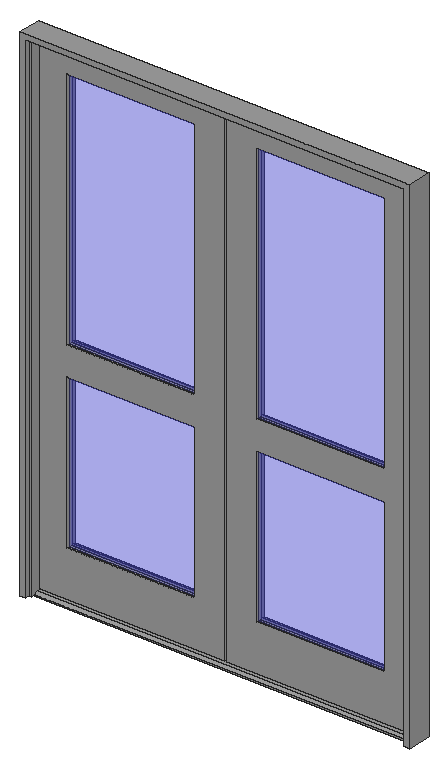
Revit family "WS-500 DOOR-Double-VIP-1-PD-CW_v05", category Curtain Panels, Revit 2015 (continued)
Definition of nested family "2.5x6-RTCIG CW-H8533-DHD-OHD SC-DI"
  Lines and regions (in)
    detail lines, in view "Ref. Level", detail levels fine
      curve 43: line (0.74256, -1, 0) -> (0.68756, -1, 0)
      curve 44: line (0.68756, -1, 0) -> (0.68756, -1.173, 0)
      curve 45: line (-1.28244, 0, 0) -> (-1.28244, -1, 0)
      curve 46: line (-1.28244, -1, 0) -> (0.68756, -1, 0)
      curve 47: line (0.68756, -1, 0) -> (0.68756, -1.5, 0)
      curve 48: line (0.68756, -1.5, 0) -> (2.31256, -1.5, 0)
      curve 49: line (2.31256, -1.5, 0) -> (2.31256, -1, 0)
      curve 50: line (2.31256, -1, 0) -> (3.21756, -1, 0)
      curve 51: line (3.21756, -1, 0) -> (3.21756, 0, 0)
      curve 52: line (3.21756, 0, 0) -> (-1.28244, 0, 0)
      curve 53: arc (-1.28244, -0.25, 0) -> (-1.26095, -0.125, 0) -> (-1.28244, 0, 0) r 0.37439
      curve 54: arc (3.21756, 0, 0) -> (3.19608, -0.125, 0) -> (3.21756, -0.25, 0) r 0.37439
      curve 55: arc (1.95497, -1.14175, 0) -> (1.95619, -1.1362, 0) -> (1.95482, -1.13068, 0) r 0.0125
      curve 56: arc (1.98284, -1.14139, 0) -> (1.98406, -1.13584, 0) -> (1.9827, -1.13032, 0) r 0.0125
      curve 57: arc (1.01743, -1.13032, 0) -> (1.01607, -1.13584, 0) -> (1.01729, -1.14139, 0) r 0.0125
      curve 58: arc (1.0453, -1.13068, 0) -> (1.04394, -1.1362, 0) -> (1.04516, -1.14175, 0) r 0.0125
      curve 59: arc (1.10681, -1.025, 0) -> (1.10028, -1.02684, 0) -> (1.09567, -1.03182, 0) r 0.0125
      curve 60: arc (1.90446, -1.03183, 0) -> (1.89985, -1.02684, 0) -> (1.89332, -1.025, 0) r 0.0125
      curve 61: line (-1.03244, -0.25, 0) -> (-1.03244, 0, 0)
      curve 62: line (-1.03244, 0, 0) -> (2.96756, 0, 0)
      curve 63: line (2.96756, 0, 0) -> (2.96756, -0.25, 0)
      curve 64: line (2.96756, -0.25, 0) -> (-1.03244, -0.25, 0)
      curve 65: line (-1.03244, -0.25, 0) -> (2.96756, 0, 0)
      curve 66: line (-1.03244, 0, 0) -> (2.96756, -0.25, 0)
      curve 67: line (1.95497, -1.14175, 0) -> (1.89789, -1.26122, 0)
      curve 68: line (1.89789, -1.26122, 0) -> (1.92045, -1.272, 0)
      curve 69: line (1.92045, -1.272, 0) -> (1.98284, -1.14139, 0)
      curve 70: line (1.9827, -1.13032, 0) -> (1.92904, -1.025, 0)
      curve 71: line (1.92904, -1.025, 0) -> (1.95506, -1.025, 0)
      curve 72: line (1.95506, -1.025, 0) -> (1.95506, -1, 0)
      curve 73: line (1.95506, -1, 0) -> (1.04506, -1, 0)
      curve 74: line (1.04506, -1, 0) -> (1.04506, -1.025, 0)
      curve 75: line (1.04506, -1.025, 0) -> (1.07109, -1.025, 0)
      curve 76: line (1.07109, -1.025, 0) -> (1.01743, -1.13032, 0)
      curve 77: line (1.01729, -1.14139, 0) -> (1.07968, -1.272, 0)
      curve 78: line (1.07968, -1.272, 0) -> (1.10224, -1.26122, 0)
      curve 79: line (1.10224, -1.26122, 0) -> (1.04516, -1.14175, 0)
      curve 80: line (1.0453, -1.13068, 0) -> (1.09567, -1.03182, 0)
      curve 81: line (1.10681, -1.025, 0) -> (1.89332, -1.025, 0)
      curve 82: line (1.90446, -1.03183, 0) -> (1.95482, -1.13068, 0)
      curve 83: line (0.54796, -1.18033, 0) -> (0.56296, -1.18633, 0)
      curve 84: line (0.56296, -1.18633, 0) -> (0.57696, -1.19533, 0)
      curve 85: line (0.57696, -1.19533, 0) -> (0.60296, -1.19933, 0)
      curve 86: line (0.60296, -1.19933, 0) -> (0.62096, -1.20333, 0)
      curve 87: line (0.62096, -1.20333, 0) -> (0.65696, -1.20433, 0)
      curve 88: line (0.65696, -1.20433, 0) -> (0.67296, -1.20633, 0)
      curve 89: line (0.67296, -1.20633, 0) -> (0.69296, -1.20833, 0)
      curve 90: line (0.69296, -1.20833, 0) -> (0.69696, -1.21433, 0)
      curve 91: line (0.69696, -1.21433, 0) -> (0.70996, -1.20833, 0)
      curve 92: line (0.70996, -1.20833, 0) -> (0.69696, -1.21433, 0)
      curve 93: line (0.55396, -1.35233, 0) -> (0.58296, -1.35233, 0)
      curve 94: line (0.58296, -1.35233, 0) -> (0.60796, -1.35233, 0)
      curve 95: line (0.60796, -1.35233, 0) -> (0.62496, -1.35433, 0)
      curve 96: line (0.62496, -1.35433, 0) -> (0.65696, -1.35433, 0)
      curve 97: line (0.65696, -1.35433, 0) -> (0.67696, -1.35533, 0)
      curve 98: line (0.67696, -1.35533, 0) -> (0.70396, -1.36133, 0)
      curve 99: line (0.70396, -1.36133, 0) -> (0.67496, -1.36433, 0)
      curve 100: line (0.67496, -1.36433, 0) -> (0.68996, -1.37033, 0)
      curve 101: line (0.68996, -1.37033, 0) -> (0.67296, -1.36633, 0)
      curve 102: line (0.67296, -1.36633, 0) -> (0.65096, -1.36833, 0)
      curve 103: line (0.65096, -1.36833, 0) -> (0.58796, -1.37733, 0)
      curve 104: line (0.58796, -1.37733, 0) -> (0.60596, -1.37733, 0)
      curve 105: line (0.60596, -1.37733, 0) -> (0.61696, -1.37533, 0)
      curve 106: line (0.61696, -1.37533, 0) -> (0.63196, -1.37433, 0)
      curve 107: line (0.63196, -1.37433, 0) -> (0.65896, -1.37233, 0)
      curve 108: line (0.65896, -1.37233, 0) -> (0.67896, -1.37033, 0)
      curve 109: line (0.67896, -1.37033, 0) -> (0.65296, -1.36633, 0)
      curve 110: line (0.65296, -1.36633, 0) -> (0.62296, -1.36633, 0)
      curve 111: line (0.62296, -1.36633, 0) -> (0.58996, -1.36433, 0)
      curve 112: line (0.58996, -1.36433, 0) -> (0.54796, -1.36933, 0)
      curve 113: line (0.57196, -1.38433, 0) -> (0.58996, -1.38133, 0)
      curve 114: line (0.58996, -1.38133, 0) -> (0.54796, -1.38833, 0)
      curve 115: line (0.54796, -1.38833, 0) -> (0.57196, -1.38433, 0)
      curve 116: line (0.54996, -1.24133, 0) -> (0.56796, -1.23933, 0)
      curve 117: line (0.56796, -1.23933, 0) -> (0.58096, -1.23733, 0)
      curve 118: line (0.58096, -1.23733, 0) -> (0.59396, -1.23533, 0)
      curve 119: line (0.59396, -1.23533, 0) -> (0.61496, -1.23533, 0)
      curve 120: line (0.61496, -1.23533, 0) -> (0.62796, -1.23533, 0)
      curve 121: line (0.62796, -1.23533, 0) -> (0.65696, -1.23733, 0)
      curve 122: line (0.65696, -1.23733, 0) -> (0.67096, -1.23733, 0)
      curve 123: line (0.67096, -1.23733, 0) -> (0.67896, -1.23933, 0)
      curve 124: line (0.67896, -1.23933, 0) -> (0.69696, -1.24133, 0)
      curve 125: line (0.69696, -1.24133, 0) -> (0.71096, -1.24433, 0)
      curve 126: line (0.71096, -1.24433, 0) -> (0.72796, -1.25233, 0)
      curve 127: line (0.72796, -1.25233, 0) -> (0.74196, -1.25233, 0)
      curve 128: line (0.74196, -1.25233, 0) -> (0.72596, -1.24433, 0)
      curve 129: line (0.72596, -1.24433, 0) -> (0.71096, -1.25033, 0)
      curve 130: line (0.71096, -1.25033, 0) -> (0.70196, -1.25033, 0)
      curve 131: line (0.70196, -1.25033, 0) -> (0.68596, -1.25033, 0)
      curve 132: line (0.68596, -1.25033, 0) -> (0.67096, -1.24633, 0)
      curve 133: line (0.67096, -1.24633, 0) -> (0.65496, -1.24633, 0)
      curve 134: line (0.65496, -1.24633, 0) -> (0.62296, -1.24633, 0)
      curve 135: line (0.62296, -1.24633, 0) -> (0.60596, -1.24633, 0)
      curve 136: line (0.60596, -1.24633, 0) -> (0.59396, -1.24633, 0)
      curve 137: line (0.59396, -1.24633, 0) -> (0.54796, -1.25433, 0)
      curve 138: line (0.54996, -1.20833, 0) -> (0.56096, -1.20833, 0)
      curve 139: line (0.56096, -1.20833, 0) -> (0.58096, -1.20833, 0)
      curve 140: line (0.58096, -1.20833, 0) -> (0.59196, -1.20633, 0)
      curve 141: line (0.59196, -1.20633, 0) -> (0.59896, -1.20633, 0)
      curve 142: line (0.59896, -1.20633, 0) -> (0.60596, -1.20833, 0)
      curve 143: line (0.60596, -1.20833, 0) -> (0.62296, -1.21433, 0)
      curve 144: line (0.62296, -1.21433, 0) -> (0.65496, -1.21233, 0)
      curve 145: line (0.65496, -1.21233, 0) -> (0.66196, -1.21033, 0)
      curve 146: line (0.66196, -1.21033, 0) -> (0.67096, -1.21233, 0)
      curve 147: line (0.67096, -1.21233, 0) -> (0.68096, -1.21233, 0)
      curve 148: line (0.68096, -1.21233, 0) -> (0.68996, -1.21233, 0)
      curve 149: line (0.74596, -1.21033, 0) -> (0.73496, -1.21033, 0)
      curve 150: line (0.73496, -1.21033, 0) -> (0.74196, -1.21033, 0)
      curve 151: line (0.74196, -1.21033, 0) -> (0.75296, -1.21033, 0)
      curve 152: line (0.75296, -1.21033, 0) -> (0.76396, -1.21033, 0)
      curve 153: line (0.76396, -1.21033, 0) -> (0.77496, -1.20633, 0)
      curve 154: line (0.77896, -1.20633, 0) -> (0.76796, -1.20633, 0)
      curve 155: line (0.76796, -1.20633, 0) -> (0.76096, -1.20633, 0)
      curve 156: line (0.76096, -1.20633, 0) -> (0.75296, -1.20833, 0)
      curve 157: line (0.75296, -1.20833, 0) -> (0.74596, -1.21033, 0)
      curve 158: line (0.78096, -1.27033, 0) -> (0.76996, -1.27233, 0)
      curve 159: line (0.76996, -1.27233, 0) -> (0.75496, -1.27433, 0)
      curve 160: line (0.75496, -1.27433, 0) -> (0.74396, -1.27433, 0)
      curve 161: line (0.74396, -1.27433, 0) -> (0.73496, -1.27433, 0)
      curve 162: line (0.73496, -1.27433, 0) -> (0.71496, -1.27433, 0)
      curve 163: line (0.71496, -1.27433, 0) -> (0.69696, -1.27433, 0)
      curve 164: line (0.69696, -1.27433, 0) -> (0.67496, -1.27033, 0)
      curve 165: line (0.67496, -1.27033, 0) -> (0.65696, -1.27033, 0)
      curve 166: line (0.65696, -1.27033, 0) -> (0.60996, -1.27033, 0)
      curve 167: line (0.60996, -1.27033, 0) -> (0.57396, -1.27033, 0)
      curve 168: line (0.57396, -1.27033, 0) -> (0.54796, -1.26833, 0)
      curve 169: line (0.54796, -1.26133, 0) -> (0.56796, -1.26133, 0)
      curve 170: line (0.56796, -1.26133, 0) -> (0.59696, -1.26133, 0)
      curve 171: line (0.59696, -1.26133, 0) -> (0.62496, -1.26133, 0)
      curve 172: line (0.62496, -1.26133, 0) -> (0.66796, -1.26333, 0)
      curve 173: line (0.66796, -1.26333, 0) -> (0.70096, -1.26433, 0)
      curve 174: line (0.70096, -1.26433, 0) -> (0.71896, -1.26333, 0)
      curve 175: line (0.71896, -1.26333, 0) -> (0.73296, -1.26333, 0)
      curve 176: line (0.73296, -1.26333, 0) -> (0.75096, -1.26333, 0)
      curve 177: line (0.75096, -1.26333, 0) -> (0.76096, -1.26333, 0)
      curve 178: line (0.76096, -1.26333, 0) -> (0.76796, -1.26333, 0)
      curve 179: line (0.76796, -1.26333, 0) -> (0.78096, -1.26333, 0)
      curve 180: line (0.78096, -1.25133, 0) -> (0.76996, -1.25033, 0)
      curve 181: line (0.76996, -1.25033, 0) -> (0.76196, -1.25033, 0)
      curve 182: line (0.76196, -1.25033, 0) -> (0.75096, -1.25233, 0)
      curve 183: line (0.75096, -1.25233, 0) -> (0.74196, -1.25233, 0)
      curve 184: line (0.74196, -1.25233, 0) -> (0.74996, -1.24833, 0)
      curve 185: line (0.74996, -1.24833, 0) -> (0.76396, -1.24633, 0)
      curve 186: line (0.76396, -1.24633, 0) -> (0.77496, -1.24333, 0)
      curve 187: line (0.76996, -1.22433, 0) -> (0.75496, -1.22433, 0)
      curve 188: line (0.75496, -1.22433, 0) -> (0.74196, -1.22633, 0)
      curve 189: line (0.74196, -1.22633, 0) -> (0.73296, -1.22633, 0)
      curve 190: line (0.73296, -1.22633, 0) -> (0.70996, -1.22433, 0)
      curve 191: line (0.70996, -1.22433, 0) -> (0.69896, -1.22333, 0)
      curve 192: line (0.69896, -1.22333, 0) -> (0.67696, -1.22433, 0)
      curve 193: line (0.67696, -1.22433, 0) -> (0.65296, -1.22333, 0)
      curve 194: line (0.65296, -1.22333, 0) -> (0.62296, -1.22333, 0)
      curve 195: line (0.62296, -1.22333, 0) -> (0.59896, -1.22133, 0)
      curve 196: line (0.59896, -1.22133, 0) -> (0.58096, -1.22133, 0)
      curve 197: line (0.58096, -1.22133, 0) -> (0.56096, -1.22133, 0)
      curve 198: line (0.56096, -1.22133, 0) -> (0.54796, -1.22233, 0)
      curve 199: line (0.73496, -1.21033, 0) -> (0.71896, -1.21233, 0)
      curve 200: line (0.71896, -1.21233, 0) -> (0.70996, -1.20833, 0)
      curve 201: line (0.70996, -1.20833, 0) -> (0.72396, -1.20833, 0)
      curve 202: line (0.72396, -1.20833, 0) -> (0.73296, -1.21233, 0)
      curve 203: line (0.73296, -1.37433, 0) -> (0.74396, -1.37433, 0)
      curve 204: line (0.74396, -1.37433, 0) -> (0.76096, -1.37433, 0)
      curve 205: line (0.76096, -1.37433, 0) -> (0.77296, -1.37433, 0)
      curve 206: line (0.78096, -1.37033, 0) -> (0.77096, -1.37033, 0)
      curve 207: line (0.77096, -1.37033, 0) -> (0.75496, -1.37033, 0)
      curve 208: line (0.75496, -1.37033, 0) -> (0.74796, -1.36833, 0)
      curve 209: line (0.74796, -1.36833, 0) -> (0.74096, -1.36833, 0)
      curve 210: line (0.74096, -1.36833, 0) -> (0.72996, -1.36633, 0)
      curve 211: line (0.72996, -1.36633, 0) -> (0.71496, -1.36633, 0)
      curve 212: line (0.71496, -1.36633, 0) -> (0.70396, -1.36633, 0)
      curve 213: line (0.70396, -1.36633, 0) -> (0.68996, -1.37033, 0)
      curve 214: line (0.68996, -1.37033, 0) -> (0.70596, -1.37233, 0)
      curve 215: line (0.70596, -1.37233, 0) -> (0.72096, -1.37233, 0)
      curve 216: line (0.72096, -1.37233, 0) -> (0.73296, -1.37433, 0)
      curve 217: line (0.75896, -1.35433, 0) -> (0.74796, -1.35033, 0)
      curve 218: line (0.74796, -1.35033, 0) -> (0.76396, -1.34633, 0)
      curve 219: line (0.76396, -1.34633, 0) -> (0.77296, -1.34633, 0)
      curve 220: line (0.77296, -1.34633, 0) -> (0.78096, -1.34833, 0)
      curve 221: line (0.78096, -1.34833, 0) -> (0.77296, -1.35433, 0)
      curve 222: line (0.77296, -1.35433, 0) -> (0.76596, -1.35433, 0)
      curve 223: line (0.76596, -1.35433, 0) -> (0.75896, -1.35433, 0)
      curve 224: line (0.54796, -1.31033, 0) -> (0.55896, -1.31033, 0)
      curve 225: line (0.55896, -1.31033, 0) -> (0.58796, -1.30833, 0)
      curve 226: line (0.58796, -1.30833, 0) -> (0.61496, -1.30833, 0)
      curve 227: line (0.61496, -1.30833, 0) -> (0.62796, -1.30833, 0)
      curve 228: line (0.62796, -1.30833, 0) -> (0.66196, -1.31033, 0)
      curve 229: line (0.66196, -1.31033, 0) -> (0.68096, -1.31233, 0)
      curve 230: line (0.68096, -1.31233, 0) -> (0.69896, -1.31433, 0)
      curve 231: line (0.69896, -1.31433, 0) -> (0.72096, -1.31433, 0)
      curve 232: line (0.72096, -1.31433, 0) -> (0.73696, -1.31433, 0)
      curve 233: line (0.73696, -1.31433, 0) -> (0.75896, -1.31433, 0)
      curve 234: line (0.75896, -1.31433, 0) -> (0.76596, -1.31433, 0)
      curve 235: line (0.76596, -1.31433, 0) -> (0.77896, -1.31033, 0)
      curve 236: line (0.54796, -1.32333, 0) -> (0.57896, -1.32133, 0)
      curve 237: line (0.57896, -1.32133, 0) -> (0.60496, -1.31933, 0)
      curve 238: line (0.60496, -1.31933, 0) -> (0.61896, -1.31933, 0)
      curve 239: line (0.61896, -1.31933, 0) -> (0.66196, -1.31933, 0)
      curve 240: line (0.66196, -1.31933, 0) -> (0.67696, -1.32133, 0)
      curve 241: line (0.67696, -1.32133, 0) -> (0.70096, -1.32133, 0)
      curve 242: line (0.70096, -1.32133, 0) -> (0.71496, -1.32133, 0)
      curve 243: line (0.71496, -1.32133, 0) -> (0.73496, -1.32133, 0)
      curve 244: line (0.73496, -1.32133, 0) -> (0.75096, -1.32333, 0)
      curve 245: line (0.75096, -1.32333, 0) -> (0.76196, -1.32433, 0)
      curve 246: line (0.76196, -1.32433, 0) -> (0.77096, -1.32433, 0)
      curve 247: line (0.77096, -1.32433, 0) -> (0.78096, -1.32433, 0)
      curve 248: line (0.73296, -1.35433, 0) -> (0.74796, -1.35433, 0)
      curve 249: line (0.74796, -1.35433, 0) -> (0.72596, -1.35733, 0)
      curve 250: line (0.72596, -1.35733, 0) -> (0.73296, -1.35433, 0)
      curve 251: line (0.71296, -1.35533, 0) -> (0.70396, -1.36133, 0)
      curve 252: line (0.70396, -1.36133, 0) -> (0.72596, -1.35733, 0)
      curve 253: line (0.72596, -1.35733, 0) -> (0.71296, -1.35533, 0)
      curve 254: line (0.54796, -1.29533, 0) -> (0.57696, -1.29533, 0)
      curve 255: line (0.57696, -1.29533, 0) -> (0.60996, -1.29533, 0)
      curve 256: line (0.60996, -1.29533, 0) -> (0.65296, -1.29533, 0)
      curve 257: line (0.65296, -1.29533, 0) -> (0.67296, -1.29533, 0)
      curve 258: line (0.67296, -1.29533, 0) -> (0.69896, -1.29933, 0)
      curve 259: line (0.69896, -1.29933, 0) -> (0.70796, -1.29933, 0)
      curve 260: line (0.70796, -1.29933, 0) -> (0.72096, -1.30133, 0)
      curve 261: line (0.72096, -1.30133, 0) -> (0.73296, -1.30133, 0)
      curve 262: line (0.73296, -1.30133, 0) -> (0.74396, -1.30133, 0)
      curve 263: line (0.74396, -1.30133, 0) -> (0.75296, -1.30133, 0)
      curve 264: line (0.75296, -1.30133, 0) -> (0.76996, -1.29933, 0)
      curve 265: line (0.76996, -1.29933, 0) -> (0.77696, -1.29933, 0)
      curve 266: line (0.77696, -1.29933, 0) -> (0.77696, -1.2896, 0)
      curve 267: line (0.78096, -1.28933, 0) -> (0.76596, -1.29033, 0)
      curve 268: line (0.76596, -1.29033, 0) -> (0.75496, -1.29033, 0)
      curve 269: line (0.75496, -1.29033, 0) -> (0.74096, -1.29233, 0)
      curve 270: line (0.74096, -1.29233, 0) -> (0.70996, -1.28833, 0)
      curve 271: line (0.70996, -1.28833, 0) -> (0.69296, -1.28833, 0)
      curve 272: line (0.69296, -1.28833, 0) -> (0.67696, -1.28833, 0)
      curve 273: line (0.67696, -1.28833, 0) -> (0.66096, -1.28633, 0)
      curve 274: line (0.66096, -1.28633, 0) -> (0.62296, -1.28633, 0)
      curve 275: line (0.62296, -1.28633, 0) -> (0.60096, -1.28433, 0)
      curve 276: line (0.60096, -1.28433, 0) -> (0.56096, -1.28333, 0)
      curve 277: line (0.56096, -1.28333, 0) -> (0.54796, -1.28333, 0)
      curve 278: line (0.54796, -1.33833, 0) -> (0.57896, -1.33533, 0)
      curve 279: line (0.57896, -1.33533, 0) -> (0.61496, -1.33733, 0)
      curve 280: line (0.61496, -1.33733, 0) -> (0.65296, -1.33733, 0)
      curve 281: line (0.65296, -1.33733, 0) -> (0.67496, -1.33733, 0)
      curve 282: line (0.67496, -1.33733, 0) -> (0.69496, -1.33733, 0)
      curve 283: line (0.69496, -1.33733, 0) -> (0.70996, -1.33733, 0)
      curve 284: line (0.70996, -1.33733, 0) -> (0.72596, -1.33933, 0)
      curve 285: line (0.72596, -1.33933, 0) -> (0.73696, -1.33933, 0)
      curve 286: line (0.73696, -1.33933, 0) -> (0.74796, -1.33933, 0)
      curve 287: line (0.74796, -1.33933, 0) -> (0.75896, -1.33933, 0)
      curve 288: line (0.75896, -1.33933, 0) -> (0.77696, -1.33733, 0)
      curve 289: line (0.78096, -1.41933, 0) -> (0.78096, -1.15933, 0)
    detail lines, in view "Ref. Level", detail levels medium
      curve 290: arc (1.65506, -0.328, 0) -> (1.67791, -0.38315, 0) -> (1.73306, -0.406, 0) r 0.078
      curve 291: arc (0.20206, -0.406, 0) -> (0.25722, -0.38315, 0) -> (0.28006, -0.328, 0) r 0.078
      curve 292: arc (0.68756, -1.173, 0) -> (0.71506, -1.2005, 0) -> (0.74256, -1.173, 0) r 0.0275
      curve 293: arc (0.74256, -1.408, 0) -> (0.71506, -1.3805, 0) -> (0.68756, -1.408, 0) r 0.0275
      curve 294: arc (2.00056, -1, 0) -> (1.96239, -1.07442, 0) -> (2.04511, -1.062, 0) r 0.047
      curve 295: arc (0.95295, -1.053, 0) -> (1.03486, -1.07804, 0) -> (0.99956, -1, 0) r 0.047
      curve 296: line (1.73306, -0.406, 0) -> (1.98306, -0.406, 0)
      curve 297: line (1.98306, -0.406, 0) -> (1.98306, -0.375, 0)
      curve 298: line (1.98306, -0.375, 0) -> (3.09256, -0.375, 0)
      curve 299: line (3.09256, -0.375, 0) -> (3.09256, -0.875, 0)
      curve 300: line (3.09256, -0.875, 0) -> (-1.15744, -0.875, 0)
      curve 301: line (-1.15744, -0.875, 0) -> (-1.15744, -0.375, 0)
      curve 302: line (-1.15744, -0.375, 0) -> (-0.04794, -0.375, 0)
      curve 303: line (-0.04794, -0.375, 0) -> (-0.04794, -0.406, 0)
      curve 304: line (-0.04794, -0.406, 0) -> (0.20206, -0.406, 0)
      curve 305: line (0.28006, -0.328, 0) -> (0.03006, -0.328, 0)
      curve 306: line (0.03006, -0.328, 0) -> (0.03006, -0.25, 0)
      curve 307: line (0.03006, -0.25, 0) -> (-1.28244, -0.25, 0)
      curve 308: line (-1.28244, -0.25, 0) -> (-1.28244, -1, 0)
      curve 309: line (-1.28244, -1, 0) -> (3.21756, -1, 0)
      curve 310: line (3.21756, -1, 0) -> (3.21756, -0.25, 0)
      curve 311: line (3.21756, -0.25, 0) -> (1.90506, -0.25, 0)
      curve 312: line (1.90506, -0.25, 0) -> (1.90506, -0.328, 0)
      curve 313: line (1.90506, -0.328, 0) -> (1.65506, -0.328, 0)
      curve 314: line (0.74256, -1.173, 0) -> (0.74256, -1.143, 0)
      curve 315: line (0.74256, -1.143, 0) -> (0.79756, -1.143, 0)
      curve 316: line (0.79756, -1.143, 0) -> (0.79756, -1.438, 0)
      curve 317: line (0.79756, -1.438, 0) -> (0.74256, -1.438, 0)
      curve 318: line (0.74256, -1.438, 0) -> (0.74256, -1.408, 0)
      curve 319: line (0.68756, -1.408, 0) -> (0.68756, -1.5, 0)
      curve 320: line (0.68756, -1.5, 0) -> (2.31256, -1.5, 0)
      curve 321: line (2.31256, -1.5, 0) -> (2.31256, -1, 0)
      curve 322: line (2.31256, -1, 0) -> (2.00056, -1, 0)
      curve 323: line (2.04511, -1.062, 0) -> (2.25056, -1.062, 0)
      curve 324: line (2.25056, -1.062, 0) -> (2.25056, -1.438, 0)
      curve 325: line (2.25056, -1.438, 0) -> (0.85956, -1.438, 0)
      curve 326: line (0.85956, -1.438, 0) -> (0.85956, -1.053, 0)
      curve 327: line (0.85956, -1.053, 0) -> (0.95295, -1.053, 0)
      curve 328: line (0.99956, -1, 0) -> (0.79756, -1, 0)
      curve 329: line (0.79756, -1, 0) -> (0.79756, -1.081, 0)
      curve 330: line (0.79756, -1.081, 0) -> (0.74256, -1.081, 0)
      curve 331: line (0.74256, -1.081, 0) -> (0.74256, -1, 0)
      curve 332: line (0.74256, -1, 0) -> (0.68756, -1, 0)
      curve 333: line (0.68756, -1, 0) -> (0.68756, -1.173, 0)
      curve 334: line (-1.28244, 0, 0) -> (-1.28244, -1, 0)
      curve 335: line (-1.28244, -1, 0) -> (0.68756, -1, 0)
      curve 336: line (0.68756, -1, 0) -> (0.68756, -1.5, 0)
      curve 337: line (0.68756, -1.5, 0) -> (2.31256, -1.5, 0)
      curve 338: line (2.31256, -1.5, 0) -> (2.31256, -1, 0)
      curve 339: line (2.31256, -1, 0) -> (3.21756, -1, 0)
      curve 340: line (3.21756, -1, 0) -> (3.21756, 0, 0)
      curve 341: line (3.21756, 0, 0) -> (-1.28244, 0, 0)
    detail lines, in view "Ref. Level", not visible, detail levels fine
      curve 342: arc (1.65506, -0.328, 0) -> (1.67791, -0.38315, 0) -> (1.73306, -0.406, 0) r 0.078
      curve 343: arc (0.20206, -0.406, 0) -> (0.25722, -0.38315, 0) -> (0.28006, -0.328, 0) r 0.078
      curve 344: arc (0.68756, -1.173, 0) -> (0.71506, -1.2005, 0) -> (0.74256, -1.173, 0) r 0.0275
      curve 345: arc (0.74256, -1.408, 0) -> (0.71506, -1.3805, 0) -> (0.68756, -1.408, 0) r 0.0275
      curve 346: arc (2.00056, -1, 0) -> (1.96239, -1.07442, 0) -> (2.04511, -1.062, 0) r 0.047
      curve 347: arc (0.95295, -1.053, 0) -> (1.03486, -1.07804, 0) -> (0.99956, -1, 0) r 0.047
      curve 348: line (1.73306, -0.406, 0) -> (1.98306, -0.406, 0)
      curve 349: line (1.98306, -0.406, 0) -> (1.98306, -0.375, 0)
      curve 350: line (1.98306, -0.375, 0) -> (3.09256, -0.375, 0)
      curve 351: line (3.09256, -0.375, 0) -> (3.09256, -0.875, 0)
      curve 352: line (3.09256, -0.875, 0) -> (-1.15744, -0.875, 0)
      curve 353: line (-1.15744, -0.875, 0) -> (-1.15744, -0.375, 0)
      curve 354: line (-1.15744, -0.375, 0) -> (-0.04794, -0.375, 0)
      curve 355: line (-0.04794, -0.375, 0) -> (-0.04794, -0.406, 0)
      curve 356: line (-0.04794, -0.406, 0) -> (0.20206, -0.406, 0)
      curve 357: line (0.28006, -0.328, 0) -> (0.03006, -0.328, 0)
      curve 358: line (0.03006, -0.328, 0) -> (0.03006, -0.25, 0)
      curve 359: line (0.03006, -0.25, 0) -> (-1.28244, -0.25, 0)
      curve 360: line (-1.28244, -0.25, 0) -> (-1.28244, -1, 0)
      curve 361: line (-1.28244, -1, 0) -> (3.21756, -1, 0)
      curve 362: line (3.21756, -1, 0) -> (3.21756, -0.25, 0)
      curve 363: line (3.21756, -0.25, 0) -> (1.90506, -0.25, 0)
      curve 364: line (1.90506, -0.25, 0) -> (1.90506, -0.328, 0)
      curve 365: line (1.90506, -0.328, 0) -> (1.65506, -0.328, 0)
      curve 366: line (0.74256, -1.173, 0) -> (0.74256, -1.143, 0)
      curve 367: line (0.74256, -1.143, 0) -> (0.79756, -1.143, 0)
      curve 368: line (0.79756, -1.143, 0) -> (0.79756, -1.438, 0)
      curve 369: line (0.79756, -1.438, 0) -> (0.74256, -1.438, 0)
      curve 370: line (0.74256, -1.438, 0) -> (0.74256, -1.408, 0)
      curve 371: line (0.68756, -1.408, 0) -> (0.68756, -1.5, 0)
      curve 372: line (0.68756, -1.5, 0) -> (2.31256, -1.5, 0)
      curve 373: line (2.31256, -1.5, 0) -> (2.31256, -1, 0)
      curve 374: line (2.31256, -1, 0) -> (2.00056, -1, 0)
      curve 375: line (2.04511, -1.062, 0) -> (2.25056, -1.062, 0)
      curve 376: line (2.25056, -1.062, 0) -> (2.25056, -1.438, 0)
      curve 377: line (2.25056, -1.438, 0) -> (0.85956, -1.438, 0)
      curve 378: line (0.85956, -1.438, 0) -> (0.85956, -1.053, 0)
      curve 379: line (0.85956, -1.053, 0) -> (0.95295, -1.053, 0)
      curve 380: line (0.99956, -1, 0) -> (0.79756, -1, 0)
      curve 381: line (0.79756, -1, 0) -> (0.79756, -1.081, 0)
      curve 382: line (0.79756, -1.081, 0) -> (0.74256, -1.081, 0)
      curve 383: line (0.74256, -1.081, 0) -> (0.74256, -1, 0)
      curve 384: line (0.74256, -1, 0) -> (0.68756, -1, 0)
      curve 385: line (0.68756, -1, 0) -> (0.68756, -1.173, 0)
      curve 386: line (-1.28244, 0, 0) -> (-1.28244, -1, 0)
      curve 387: line (-1.28244, -1, 0) -> (0.68756, -1, 0)
      curve 388: line (0.68756, -1, 0) -> (0.68756, -1.5, 0)
      curve 389: line (0.68756, -1.5, 0) -> (2.31256, -1.5, 0)
      curve 390: line (2.31256, -1.5, 0) -> (2.31256, -1, 0)
      curve 391: line (2.31256, -1, 0) -> (3.21756, -1, 0)
      curve 392: line (3.21756, -1, 0) -> (3.21756, 0, 0)
      curve 393: line (3.21756, 0, 0) -> (-1.28244, 0, 0)
      curve 394: arc (-1.28244, -0.25, 0) -> (-1.26095, -0.125, 0) -> (-1.28244, 0, 0) r 0.37439
      curve 395: arc (3.21756, 0, 0) -> (3.19608, -0.125, 0) -> (3.21756, -0.25, 0) r 0.37439
      curve 396: arc (1.95497, -1.14175, 0) -> (1.95619, -1.1362, 0) -> (1.95482, -1.13068, 0) r 0.0125
      curve 397: arc (1.98284, -1.14139, 0) -> (1.98406, -1.13584, 0) -> (1.9827, -1.13032, 0) r 0.0125
      curve 398: arc (1.01743, -1.13032, 0) -> (1.01607, -1.13584, 0) -> (1.01729, -1.14139, 0) r 0.0125
      curve 399: arc (1.0453, -1.13068, 0) -> (1.04394, -1.1362, 0) -> (1.04516, -1.14175, 0) r 0.0125
      curve 400: arc (1.10681, -1.025, 0) -> (1.10028, -1.02684, 0) -> (1.09567, -1.03182, 0) r 0.0125
      curve 401: arc (1.90446, -1.03183, 0) -> (1.89985, -1.02684, 0) -> (1.89332, -1.025, 0) r 0.0125
      curve 402: line (-1.03244, -0.25, 0) -> (-1.03244, 0, 0)
      curve 403: line (-1.03244, 0, 0) -> (2.96756, 0, 0)
      curve 404: line (2.96756, 0, 0) -> (2.96756, -0.25, 0)
      curve 405: line (2.96756, -0.25, 0) -> (-1.03244, -0.25, 0)
      curve 406: line (-1.03244, -0.25, 0) -> (2.96756, 0, 0)
      curve 407: line (-1.03244, 0, 0) -> (2.96756, -0.25, 0)
      curve 408: line (1.95497, -1.14175, 0) -> (1.89789, -1.26122, 0)
      curve 409: line (1.89789, -1.26122, 0) -> (1.92045, -1.272, 0)
      curve 410: line (1.92045, -1.272, 0) -> (1.98284, -1.14139, 0)
      curve 411: line (1.9827, -1.13032, 0) -> (1.92904, -1.025, 0)
      curve 412: line (1.92904, -1.025, 0) -> (1.95506, -1.025, 0)
      curve 413: line (1.95506, -1.025, 0) -> (1.95506, -1, 0)
      curve 414: line (1.95506, -1, 0) -> (1.04506, -1, 0)
      curve 415: line (1.04506, -1, 0) -> (1.04506, -1.025, 0)
      curve 416: line (1.04506, -1.025, 0) -> (1.07109, -1.025, 0)
      curve 417: line (1.07109, -1.025, 0) -> (1.01743, -1.13032, 0)
      curve 418: line (1.01729, -1.14139, 0) -> (1.07968, -1.272, 0)
      curve 419: line (1.07968, -1.272, 0) -> (1.10224, -1.26122, 0)
      curve 420: line (1.10224, -1.26122, 0) -> (1.04516, -1.14175, 0)
      curve 421: line (1.0453, -1.13068, 0) -> (1.09567, -1.03182, 0)
      curve 422: line (1.10681, -1.025, 0) -> (1.89332, -1.025, 0)
      curve 423: line (1.90446, -1.03183, 0) -> (1.95482, -1.13068, 0)
      curve 424: line (0.54796, -1.18033, 0) -> (0.56296, -1.18633, 0)
      curve 425: line (0.56296, -1.18633, 0) -> (0.57696, -1.19533, 0)
      curve 426: line (0.57696, -1.19533, 0) -> (0.60296, -1.19933, 0)
      curve 427: line (0.60296, -1.19933, 0) -> (0.62096, -1.20333, 0)
      curve 428: line (0.62096, -1.20333, 0) -> (0.65696, -1.20433, 0)
      curve 429: line (0.65696, -1.20433, 0) -> (0.67296, -1.20633, 0)
      curve 430: line (0.67296, -1.20633, 0) -> (0.69296, -1.20833, 0)
      curve 431: line (0.69296, -1.20833, 0) -> (0.69696, -1.21433, 0)
      curve 432: line (0.69696, -1.21433, 0) -> (0.70996, -1.20833, 0)
      curve 433: line (0.70996, -1.20833, 0) -> (0.69696, -1.21433, 0)
      curve 434: line (0.55396, -1.35233, 0) -> (0.58296, -1.35233, 0)
      curve 435: line (0.58296, -1.35233, 0) -> (0.60796, -1.35233, 0)
      curve 436: line (0.60796, -1.35233, 0) -> (0.62496, -1.35433, 0)
      curve 437: line (0.62496, -1.35433, 0) -> (0.65696, -1.35433, 0)
      curve 438: line (0.65696, -1.35433, 0) -> (0.67696, -1.35533, 0)
      curve 439: line (0.67696, -1.35533, 0) -> (0.70396, -1.36133, 0)
      curve 440: line (0.70396, -1.36133, 0) -> (0.67496, -1.36433, 0)
      curve 441: line (0.67496, -1.36433, 0) -> (0.68996, -1.37033, 0)
      curve 442: line (0.68996, -1.37033, 0) -> (0.67296, -1.36633, 0)
      curve 443: line (0.67296, -1.36633, 0) -> (0.65096, -1.36833, 0)
      curve 444: line (0.65096, -1.36833, 0) -> (0.58796, -1.37733, 0)
      curve 445: line (0.58796, -1.37733, 0) -> (0.60596, -1.37733, 0)
      curve 446: line (0.60596, -1.37733, 0) -> (0.61696, -1.37533, 0)
      curve 447: line (0.61696, -1.37533, 0) -> (0.63196, -1.37433, 0)
      curve 448: line (0.63196, -1.37433, 0) -> (0.65896, -1.37233, 0)
      curve 449: line (0.65896, -1.37233, 0) -> (0.67896, -1.37033, 0)
      curve 450: line (0.67896, -1.37033, 0) -> (0.65296, -1.36633, 0)
      curve 451: line (0.65296, -1.36633, 0) -> (0.62296, -1.36633, 0)
      curve 452: line (0.62296, -1.36633, 0) -> (0.58996, -1.36433, 0)
      curve 453: line (0.58996, -1.36433, 0) -> (0.54796, -1.36933, 0)
      curve 454: line (0.57196, -1.38433, 0) -> (0.58996, -1.38133, 0)
      curve 455: line (0.58996, -1.38133, 0) -> (0.54796, -1.38833, 0)
      curve 456: line (0.54796, -1.38833, 0) -> (0.57196, -1.38433, 0)
      curve 457: line (0.54996, -1.24133, 0) -> (0.56796, -1.23933, 0)
      curve 458: line (0.56796, -1.23933, 0) -> (0.58096, -1.23733, 0)
      curve 459: line (0.58096, -1.23733, 0) -> (0.59396, -1.23533, 0)
      curve 460: line (0.59396, -1.23533, 0) -> (0.61496, -1.23533, 0)
      curve 461: line (0.61496, -1.23533, 0) -> (0.62796, -1.23533, 0)
      curve 462: line (0.62796, -1.23533, 0) -> (0.65696, -1.23733, 0)
      curve 463: line (0.65696, -1.23733, 0) -> (0.67096, -1.23733, 0)
      curve 464: line (0.67096, -1.23733, 0) -> (0.67896, -1.23933, 0)
      curve 465: line (0.67896, -1.23933, 0) -> (0.69696, -1.24133, 0)
      curve 466: line (0.69696, -1.24133, 0) -> (0.71096, -1.24433, 0)
      curve 467: line (0.71096, -1.24433, 0) -> (0.72796, -1.25233, 0)
      curve 468: line (0.72796, -1.25233, 0) -> (0.74196, -1.25233, 0)
      curve 469: line (0.74196, -1.25233, 0) -> (0.72596, -1.24433, 0)
      curve 470: line (0.72596, -1.24433, 0) -> (0.71096, -1.25033, 0)
      curve 471: line (0.71096, -1.25033, 0) -> (0.70196, -1.25033, 0)
      curve 472: line (0.70196, -1.25033, 0) -> (0.68596, -1.25033, 0)
      curve 473: line (0.68596, -1.25033, 0) -> (0.67096, -1.24633, 0)
      curve 474: line (0.67096, -1.24633, 0) -> (0.65496, -1.24633, 0)
      curve 475: line (0.65496, -1.24633, 0) -> (0.62296, -1.24633, 0)
      curve 476: line (0.62296, -1.24633, 0) -> (0.60596, -1.24633, 0)
      curve 477: line (0.60596, -1.24633, 0) -> (0.59396, -1.24633, 0)
      curve 478: line (0.59396, -1.24633, 0) -> (0.54796, -1.25433, 0)
      curve 479: line (0.54996, -1.20833, 0) -> (0.56096, -1.20833, 0)
      curve 480: line (0.56096, -1.20833, 0) -> (0.58096, -1.20833, 0)
      curve 481: line (0.58096, -1.20833, 0) -> (0.59196, -1.20633, 0)
      curve 482: line (0.59196, -1.20633, 0) -> (0.59896, -1.20633, 0)
      curve 483: line (0.59896, -1.20633, 0) -> (0.60596, -1.20833, 0)
      curve 484: line (0.60596, -1.20833, 0) -> (0.62296, -1.21433, 0)
      curve 485: line (0.62296, -1.21433, 0) -> (0.65496, -1.21233, 0)
      curve 486: line (0.65496, -1.21233, 0) -> (0.66196, -1.21033, 0)
      curve 487: line (0.66196, -1.21033, 0) -> (0.67096, -1.21233, 0)
      curve 488: line (0.67096, -1.21233, 0) -> (0.68096, -1.21233, 0)
      curve 489: line (0.68096, -1.21233, 0) -> (0.68996, -1.21233, 0)
      curve 490: line (0.74596, -1.21033, 0) -> (0.73496, -1.21033, 0)
      curve 491: line (0.73496, -1.21033, 0) -> (0.74196, -1.21033, 0)
      curve 492: line (0.74196, -1.21033, 0) -> (0.75296, -1.21033, 0)
      curve 493: line (0.75296, -1.21033, 0) -> (0.76396, -1.21033, 0)
      curve 494: line (0.76396, -1.21033, 0) -> (0.77496, -1.20633, 0)
      curve 495: line (0.77896, -1.20633, 0) -> (0.76796, -1.20633, 0)
      curve 496: line (0.76796, -1.20633, 0) -> (0.76096, -1.20633, 0)
      curve 497: line (0.76096, -1.20633, 0) -> (0.75296, -1.20833, 0)
      curve 498: line (0.75296, -1.20833, 0) -> (0.74596, -1.21033, 0)
      curve 499: line (0.78096, -1.27033, 0) -> (0.76996, -1.27233, 0)
      curve 500: line (0.76996, -1.27233, 0) -> (0.75496, -1.27433, 0)
      curve 501: line (0.75496, -1.27433, 0) -> (0.74396, -1.27433, 0)
      curve 502: line (0.74396, -1.27433, 0) -> (0.73496, -1.27433, 0)
      curve 503: line (0.73496, -1.27433, 0) -> (0.71496, -1.27433, 0)
      curve 504: line (0.71496, -1.27433, 0) -> (0.69696, -1.27433, 0)
      curve 505: line (0.69696, -1.27433, 0) -> (0.67496, -1.27033, 0)
      curve 506: line (0.67496, -1.27033, 0) -> (0.65696, -1.27033, 0)
      curve 507: line (0.65696, -1.27033, 0) -> (0.60996, -1.27033, 0)
      curve 508: line (0.60996, -1.27033, 0) -> (0.57396, -1.27033, 0)
      curve 509: line (0.57396, -1.27033, 0) -> (0.54796, -1.26833, 0)
      curve 510: line (0.54796, -1.26133, 0) -> (0.56796, -1.26133, 0)
      curve 511: line (0.56796, -1.26133, 0) -> (0.59696, -1.26133, 0)
      curve 512: line (0.59696, -1.26133, 0) -> (0.62496, -1.26133, 0)
      curve 513: line (0.62496, -1.26133, 0) -> (0.66796, -1.26333, 0)
      curve 514: line (0.66796, -1.26333, 0) -> (0.70096, -1.26433, 0)
      curve 515: line (0.70096, -1.26433, 0) -> (0.71896, -1.26333, 0)
      curve 516: line (0.71896, -1.26333, 0) -> (0.73296, -1.26333, 0)
      curve 517: line (0.73296, -1.26333, 0) -> (0.75096, -1.26333, 0)
      curve 518: line (0.75096, -1.26333, 0) -> (0.76096, -1.26333, 0)
      curve 519: line (0.76096, -1.26333, 0) -> (0.76796, -1.26333, 0)
      curve 520: line (0.76796, -1.26333, 0) -> (0.78096, -1.26333, 0)
      curve 521: line (0.78096, -1.25133, 0) -> (0.76996, -1.25033, 0)
      curve 522: line (0.76996, -1.25033, 0) -> (0.76196, -1.25033, 0)
      curve 523: line (0.76196, -1.25033, 0) -> (0.75096, -1.25233, 0)
      curve 524: line (0.75096, -1.25233, 0) -> (0.74196, -1.25233, 0)
      curve 525: line (0.74196, -1.25233, 0) -> (0.74996, -1.24833, 0)
      curve 526: line (0.74996, -1.24833, 0) -> (0.76396, -1.24633, 0)
      curve 527: line (0.76396, -1.24633, 0) -> (0.77496, -1.24333, 0)
      curve 528: line (0.76996, -1.22433, 0) -> (0.75496, -1.22433, 0)
      curve 529: line (0.75496, -1.22433, 0) -> (0.74196, -1.22633, 0)
      curve 530: line (0.74196, -1.22633, 0) -> (0.73296, -1.22633, 0)
      curve 531: line (0.73296, -1.22633, 0) -> (0.70996, -1.22433, 0)
      curve 532: line (0.70996, -1.22433, 0) -> (0.69896, -1.22333, 0)
      curve 533: line (0.69896, -1.22333, 0) -> (0.67696, -1.22433, 0)
      curve 534: line (0.67696, -1.22433, 0) -> (0.65296, -1.22333, 0)
      curve 535: line (0.65296, -1.22333, 0) -> (0.62296, -1.22333, 0)
      curve 536: line (0.62296, -1.22333, 0) -> (0.59896, -1.22133, 0)
      curve 537: line (0.59896, -1.22133, 0) -> (0.58096, -1.22133, 0)
      curve 538: line (0.58096, -1.22133, 0) -> (0.56096, -1.22133, 0)
      curve 539: line (0.56096, -1.22133, 0) -> (0.54796, -1.22233, 0)
      curve 540: line (0.73496, -1.21033, 0) -> (0.71896, -1.21233, 0)
      curve 541: line (0.71896, -1.21233, 0) -> (0.70996, -1.20833, 0)
      curve 542: line (0.70996, -1.20833, 0) -> (0.72396, -1.20833, 0)
      curve 543: line (0.72396, -1.20833, 0) -> (0.73296, -1.21233, 0)
      curve 544: line (0.73296, -1.37433, 0) -> (0.74396, -1.37433, 0)
      curve 545: line (0.74396, -1.37433, 0) -> (0.76096, -1.37433, 0)
      curve 546: line (0.76096, -1.37433, 0) -> (0.77296, -1.37433, 0)
      curve 547: line (0.78096, -1.37033, 0) -> (0.77096, -1.37033, 0)
      curve 548: line (0.77096, -1.37033, 0) -> (0.75496, -1.37033, 0)
      curve 549: line (0.75496, -1.37033, 0) -> (0.74796, -1.36833, 0)
      curve 550: line (0.74796, -1.36833, 0) -> (0.74096, -1.36833, 0)
      curve 551: line (0.74096, -1.36833, 0) -> (0.72996, -1.36633, 0)
      curve 552: line (0.72996, -1.36633, 0) -> (0.71496, -1.36633, 0)
      curve 553: line (0.71496, -1.36633, 0) -> (0.70396, -1.36633, 0)
      curve 554: line (0.70396, -1.36633, 0) -> (0.68996, -1.37033, 0)
      curve 555: line (0.68996, -1.37033, 0) -> (0.70596, -1.37233, 0)
      curve 556: line (0.70596, -1.37233, 0) -> (0.72096, -1.37233, 0)
      curve 557: line (0.72096, -1.37233, 0) -> (0.73296, -1.37433, 0)
      curve 558: line (0.75896, -1.35433, 0) -> (0.74796, -1.35033, 0)
      curve 559: line (0.74796, -1.35033, 0) -> (0.76396, -1.34633, 0)
      curve 560: line (0.76396, -1.34633, 0) -> (0.77296, -1.34633, 0)
      curve 561: line (0.77296, -1.34633, 0) -> (0.78096, -1.34833, 0)
      curve 562: line (0.78096, -1.34833, 0) -> (0.77296, -1.35433, 0)
      curve 563: line (0.77296, -1.35433, 0) -> (0.76596, -1.35433, 0)
      curve 564: line (0.76596, -1.35433, 0) -> (0.75896, -1.35433, 0)
      curve 565: line (0.54796, -1.31033, 0) -> (0.55896, -1.31033, 0)
      curve 566: line (0.55896, -1.31033, 0) -> (0.58796, -1.30833, 0)
      curve 567: line (0.58796, -1.30833, 0) -> (0.61496, -1.30833, 0)
      curve 568: line (0.61496, -1.30833, 0) -> (0.62796, -1.30833, 0)
      curve 569: line (0.62796, -1.30833, 0) -> (0.66196, -1.31033, 0)
      curve 570: line (0.66196, -1.31033, 0) -> (0.68096, -1.31233, 0)
      curve 571: line (0.68096, -1.31233, 0) -> (0.69896, -1.31433, 0)
      curve 572: line (0.69896, -1.31433, 0) -> (0.72096, -1.31433, 0)
      curve 573: line (0.72096, -1.31433, 0) -> (0.73696, -1.31433, 0)
      curve 574: line (0.73696, -1.31433, 0) -> (0.75896, -1.31433, 0)
      curve 575: line (0.75896, -1.31433, 0) -> (0.76596, -1.31433, 0)
      curve 576: line (0.76596, -1.31433, 0) -> (0.77896, -1.31033, 0)
      curve 577: line (0.54796, -1.32333, 0) -> (0.57896, -1.32133, 0)
      curve 578: line (0.57896, -1.32133, 0) -> (0.60496, -1.31933, 0)
      curve 579: line (0.60496, -1.31933, 0) -> (0.61896, -1.31933, 0)
      curve 580: line (0.61896, -1.31933, 0) -> (0.66196, -1.31933, 0)
      curve 581: line (0.66196, -1.31933, 0) -> (0.67696, -1.32133, 0)
      curve 582: line (0.67696, -1.32133, 0) -> (0.70096, -1.32133, 0)
      curve 583: line (0.70096, -1.32133, 0) -> (0.71496, -1.32133, 0)
      curve 584: line (0.71496, -1.32133, 0) -> (0.73496, -1.32133, 0)
      curve 585: line (0.73496, -1.32133, 0) -> (0.75096, -1.32333, 0)
      curve 586: line (0.75096, -1.32333, 0) -> (0.76196, -1.32433, 0)
      curve 587: line (0.76196, -1.32433, 0) -> (0.77096, -1.32433, 0)
      curve 588: line (0.77096, -1.32433, 0) -> (0.78096, -1.32433, 0)
      curve 589: line (0.73296, -1.35433, 0) -> (0.74796, -1.35433, 0)
      curve 590: line (0.74796, -1.35433, 0) -> (0.72596, -1.35733, 0)
      curve 591: line (0.72596, -1.35733, 0) -> (0.73296, -1.35433, 0)
      curve 592: line (0.71296, -1.35533, 0) -> (0.70396, -1.36133, 0)
      curve 593: line (0.70396, -1.36133, 0) -> (0.72596, -1.35733, 0)
      curve 594: line (0.72596, -1.35733, 0) -> (0.71296, -1.35533, 0)
      curve 595: line (0.54796, -1.29533, 0) -> (0.57696, -1.29533, 0)
      curve 596: line (0.57696, -1.29533, 0) -> (0.60996, -1.29533, 0)
      curve 597: line (0.60996, -1.29533, 0) -> (0.65296, -1.29533, 0)
      curve 598: line (0.65296, -1.29533, 0) -> (0.67296, -1.29533, 0)
      curve 599: line (0.67296, -1.29533, 0) -> (0.69896, -1.29933, 0)
      curve 600: line (0.69896, -1.29933, 0) -> (0.70796, -1.29933, 0)
      curve 601: line (0.70796, -1.29933, 0) -> (0.72096, -1.30133, 0)
      curve 602: line (0.72096, -1.30133, 0) -> (0.73296, -1.30133, 0)
      curve 603: line (0.73296, -1.30133, 0) -> (0.74396, -1.30133, 0)
      curve 604: line (0.74396, -1.30133, 0) -> (0.75296, -1.30133, 0)
      curve 605: line (0.75296, -1.30133, 0) -> (0.76996, -1.29933, 0)
      curve 606: line (0.76996, -1.29933, 0) -> (0.77696, -1.29933, 0)
      curve 607: line (0.77696, -1.29933, 0) -> (0.77696, -1.2896, 0)
      curve 608: line (0.78096, -1.28933, 0) -> (0.76596, -1.29033, 0)
      curve 609: line (0.76596, -1.29033, 0) -> (0.75496, -1.29033, 0)
      curve 610: line (0.75496, -1.29033, 0) -> (0.74096, -1.29233, 0)
      curve 611: line (0.74096, -1.29233, 0) -> (0.70996, -1.28833, 0)
      curve 612: line (0.70996, -1.28833, 0) -> (0.69296, -1.28833, 0)
      curve 613: line (0.69296, -1.28833, 0) -> (0.67696, -1.28833, 0)
      curve 614: line (0.67696, -1.28833, 0) -> (0.66096, -1.28633, 0)
      curve 615: line (0.66096, -1.28633, 0) -> (0.62296, -1.28633, 0)
      curve 616: line (0.62296, -1.28633, 0) -> (0.60096, -1.28433, 0)
      curve 617: line (0.60096, -1.28433, 0) -> (0.56096, -1.28333, 0)
      curve 618: line (0.56096, -1.28333, 0) -> (0.54796, -1.28333, 0)
      curve 619: line (0.54796, -1.33833, 0) -> (0.57896, -1.33533, 0)
      curve 620: line (0.57896, -1.33533, 0) -> (0.61496, -1.33733, 0)
      curve 621: line (0.61496, -1.33733, 0) -> (0.65296, -1.33733, 0)
      curve 622: line (0.65296, -1.33733, 0) -> (0.67496, -1.33733, 0)
      curve 623: line (0.67496, -1.33733, 0) -> (0.69496, -1.33733, 0)
      curve 624: line (0.69496, -1.33733, 0) -> (0.70996, -1.33733, 0)
      curve 625: line (0.70996, -1.33733, 0) -> (0.72596, -1.33933, 0)
      curve 626: line (0.72596, -1.33933, 0) -> (0.73696, -1.33933, 0)
      curve 627: line (0.73696, -1.33933, 0) -> (0.74796, -1.33933, 0)
      curve 628: line (0.74796, -1.33933, 0) -> (0.75896, -1.33933, 0)
      curve 629: line (0.75896, -1.33933, 0) -> (0.77696, -1.33733, 0)
      curve 630: line (0.78096, -1.41933, 0) -> (0.78096, -1.15933, 0)
    detail lines, in view "Ref. Level", not visible, detail levels medium
      curve 631: arc (8.63801, -2.3397, 0) -> (8.66086, -2.39486, 0) -> (8.71601, -2.4177, 0) r 0.078
      curve 632: arc (7.18501, -2.4177, 0) -> (7.24017, -2.39486, 0) -> (7.26301, -2.3397, 0) r 0.078
      curve 633: arc (7.67051, -3.1847, 0) -> (7.69801, -3.2122, 0) -> (7.72551, -3.1847, 0) r 0.0275
      curve 634: arc (7.72551, -3.4197, 0) -> (7.69801, -3.3922, 0) -> (7.67051, -3.4197, 0) r 0.0275
      curve 635: arc (8.98351, -3.0117, 0) -> (8.94534, -3.08613, 0) -> (9.02805, -3.0737, 0) r 0.047
      curve 636: arc (7.9359, -3.0647, 0) -> (8.0178, -3.08974, 0) -> (7.98251, -3.0117, 0) r 0.047
      curve 637: line (8.71601, -2.4177, 0) -> (8.96601, -2.4177, 0)
      curve 638: line (8.96601, -2.4177, 0) -> (8.96601, -2.3867, 0)
      curve 639: line (8.96601, -2.3867, 0) -> (10.07551, -2.3867, 0)
      curve 640: line (10.07551, -2.3867, 0) -> (10.07551, -2.8867, 0)
      curve 641: line (10.07551, -2.8867, 0) -> (5.82551, -2.8867, 0)
      curve 642: line (5.82551, -2.8867, 0) -> (5.82551, -2.3867, 0)
      curve 643: line (5.82551, -2.3867, 0) -> (6.93501, -2.3867, 0)
      curve 644: line (6.93501, -2.3867, 0) -> (6.93501, -2.4177, 0)
      curve 645: line (6.93501, -2.4177, 0) -> (7.18501, -2.4177, 0)
      curve 646: line (7.26301, -2.3397, 0) -> (7.01301, -2.3397, 0)
      curve 647: line (7.01301, -2.3397, 0) -> (7.01301, -2.2617, 0)
      curve 648: line (7.01301, -2.2617, 0) -> (5.70051, -2.2617, 0)
      curve 649: line (5.70051, -2.2617, 0) -> (5.70051, -3.0117, 0)
      curve 650: line (5.70051, -3.0117, 0) -> (10.20051, -3.0117, 0)
      curve 651: line (10.20051, -3.0117, 0) -> (10.20051, -2.2617, 0)
      curve 652: line (10.20051, -2.2617, 0) -> (8.88801, -2.2617, 0)
      curve 653: line (8.88801, -2.2617, 0) -> (8.88801, -2.3397, 0)
      curve 654: line (8.88801, -2.3397, 0) -> (8.63801, -2.3397, 0)
      curve 655: line (7.72551, -3.1847, 0) -> (7.72551, -3.1547, 0)
      curve 656: line (7.72551, -3.1547, 0) -> (7.78051, -3.1547, 0)
      curve 657: line (7.78051, -3.1547, 0) -> (7.78051, -3.4497, 0)
      curve 658: line (7.78051, -3.4497, 0) -> (7.72551, -3.4497, 0)
      curve 659: line (7.72551, -3.4497, 0) -> (7.72551, -3.4197, 0)
      curve 660: line (7.67051, -3.4197, 0) -> (7.67051, -3.5117, 0)
      curve 661: line (7.67051, -3.5117, 0) -> (9.29551, -3.5117, 0)
      curve 662: line (9.29551, -3.5117, 0) -> (9.29551, -3.0117, 0)
      curve 663: line (9.29551, -3.0117, 0) -> (8.98351, -3.0117, 0)
      curve 664: line (9.02805, -3.0737, 0) -> (9.23351, -3.0737, 0)
      curve 665: line (9.23351, -3.0737, 0) -> (9.23351, -3.4497, 0)
      curve 666: line (9.23351, -3.4497, 0) -> (7.84251, -3.4497, 0)
      curve 667: line (7.84251, -3.4497, 0) -> (7.84251, -3.0647, 0)
      curve 668: line (7.84251, -3.0647, 0) -> (7.9359, -3.0647, 0)
      curve 669: line (7.98251, -3.0117, 0) -> (7.78051, -3.0117, 0)
      curve 670: line (7.78051, -3.0117, 0) -> (7.78051, -3.0927, 0)
      curve 671: line (7.78051, -3.0927, 0) -> (7.72551, -3.0927, 0)
      curve 672: line (7.72551, -3.0927, 0) -> (7.72551, -3.0117, 0)
      curve 673: line (7.72551, -3.0117, 0) -> (7.67051, -3.0117, 0)
      curve 674: line (7.67051, -3.0117, 0) -> (7.67051, -3.1847, 0)
      curve 675: line (5.70051, -2.0117, 0) -> (5.70051, -3.0117, 0)
      curve 676: line (5.70051, -3.0117, 0) -> (7.67051, -3.0117, 0)
      curve 677: line (7.67051, -3.0117, 0) -> (7.67051, -3.5117, 0)
      curve 678: line (7.67051, -3.5117, 0) -> (9.29551, -3.5117, 0)
      curve 679: line (9.29551, -3.5117, 0) -> (9.29551, -3.0117, 0)
      curve 680: line (9.29551, -3.0117, 0) -> (10.20051, -3.0117, 0)
      curve 681: line (10.20051, -3.0117, 0) -> (10.20051, -2.0117, 0)
      curve 682: line (10.20051, -2.0117, 0) -> (5.70051, -2.0117, 0)
  Dimensions and locks (in)
    aligned and locked: curve 334 to curve 45
    aligned and locked: import instance to curve 340
    aligned and locked: import instance to plane 1 "Center (Front/Back)"
